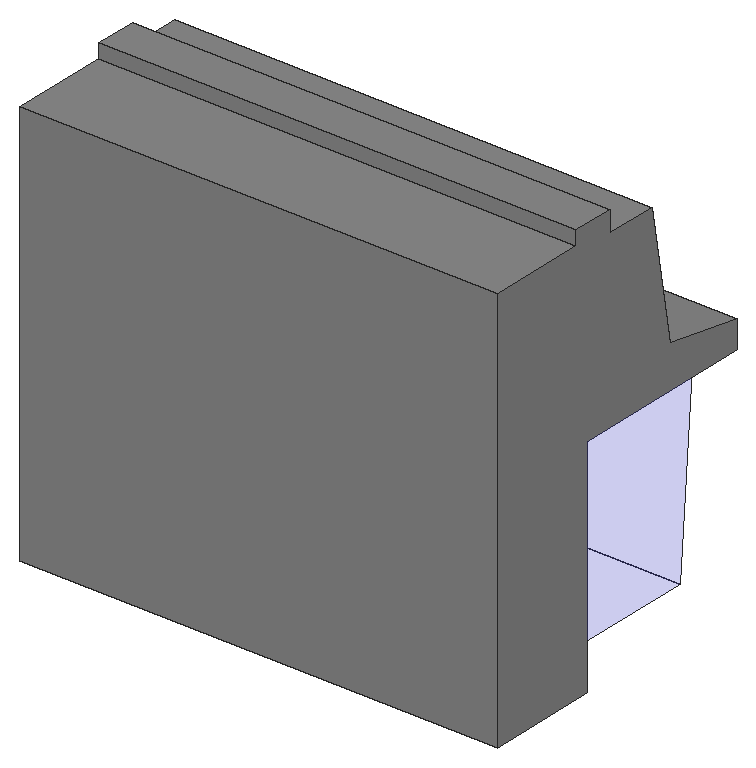
Revit family "M_Luminária de muro - Exterior", category Luminárias, Revit 2019
Family settings
  Hospedeiro = Parede
  Cota do conector redondo = Utilizar diâmetro
  Tipo de parte = Normal
  Número OmniClass = 23.80.70.14.11.17
  Título OmniClass = Wall or Ceiling Mounted External Lighting
  ID de item do Seek = Wall Pack Light - Exterior-0000-CAN-ENU
  Sempre na vertical = Sim
  Corte com vazios quando carregada = Não
  Fonte luminosa = Sim
  Compartilhado = Não
  Ponto de cálculo do ambiente = Não
Parameters (values of type "277V")
  Wattage = 70 W
  Material montado na parede = Metal - Acabamento pintado - Cinza escuro, fosco
  built-in parameter 1150110 = 1 (stored number, unit not read)
  built-in parameter 1114217 = 1 (stored number, unit not read)
  built-in parameter 1150109 = 1 (stored number, unit not read)
  built-in parameter 1150134 = 12
  built-in parameter 1150113 = 1 (stored number, unit not read)
  Material de sombra = Vidro
  built-in parameter 1150115 = 1 (stored number, unit not read)
  built-in parameter 1150105 = 437.67 (stored number, unit not read)
  Classificação de carga = Iluminação - Externa
  Light Source Symbol Size = 609.6 mm
  built-in parameter 1150137 = 1
  built-in parameter 1150139 = (empty or 0)
  built-in parameter 1150112 = 1 (stored number, unit not read)
  built-in parameter 1150114 = 1 (stored number, unit not read)
  built-in parameter 1150132 = (empty or 0)
  built-in parameter 1150102 = (empty or 0)
  built-in parameter 1150138 = (empty or 0)
  built-in parameter 1150107 = 4000 (stored number, unit not read)
  built-in parameter 1150106 = 4.3767 (stored number, unit not read)
  built-in parameter 1150104 = 7.2994 (stored number, unit not read)
  Dimming Lamp Color Temperature Shift = (empty or 0)
  Color Filter = 16777215
  Voltagem do transformador = 277 V
  Transformador por número de postes = 1
  built-in parameter 1114218 = 1 (stored number, unit not read)
  built-in parameter 1150133 = 10 (stored number, unit not read)
  Código de montagem = "D5020230"
  Lumens = 5499.9 lm
  Altura de montagem = 2700 mm
  Carga aparente = 70 VA
Types (3, lengths in mm): name | Voltagem do transformador
  (no name) | 277 V
  120V | 120 V
  277V | 277 V
Reference planes
  plane 1: y = 0
  plane 2 "Eixo de origem da luz": y = 228.6
  plane 3 "Eixo de origem da luz": x = 121.764
  plane 4 "Elevação da origem da luz": z = 2515.85
  plane 5: z = 2700
  plane 6: z = 2331.7
  plane 7: x = 337.664
  plane 8: x = -94.136
  plane 9: y = 177.8
  plane 10: y = 76.2
  plane 11: x = -68.735
  plane 12: x = 312.264
Forms (mm)
  Extrusion 1, solid, material "Metal - Acabamento pintado - Cinza escuro, fosco" <- "Material montado na parede"
    sketch origin (-94.136, 177.8, 1817.14) x (0, -1, 0) y (0, 0, 1)
      loop
        line (12.7, 882.86) -> (12.7, 895.56) -> (-25.4, 895.56) -> (-25.4, 876.51) -> (-72.841, 876.51) -> (-93.843, 757.403) -> (-168.885, 744.172) -> (-168.885, 718.772) -> (0, 718.772) -> (0, 514.56) -> (101.6, 514.56) -> (101.6, 882.86) -> (12.7, 882.86)
    from -431.8 to 0
  Extrusion 2, solid, material "Vidro" <- "Material de sombra"
    sketch origin (-94.136, 177.8, 1817.14) x (0, -1, 0) y (0, 0, 1)
      loop
        line (-152.317, 717.76) -> (-137.221, 533.61) -> (0, 533.61) -> (0, 717.76) -> (-152.317, 717.76)
    from -406.4 to -25.401
Lines and regions (mm)
  symbolic lines
    curve 1: line (-94.136, 76.2, 0) -> (337.664, 76.2, 0)
    curve 3: line (-94.136, 346.685, 0) -> (337.664, 346.685, 0)
    curve 5: line (337.664, 165.1, 0) -> (-94.136, 165.1, 0)
    curve 7: line (-94.136, 346.685, 0) -> (-94.136, 165.1, 0)
    curve 8: line (337.664, 346.685, 0) -> (337.664, 165.1, 0)
  symbolic lines, detail levels coarse+medium
    curve 2: line (121.764, 76.2, 0) -> (121.764, 165.1, 0)
  symbolic lines, detail levels fine
    curve 4: line (-94.136, 165.1, 0) -> (-94.136, 346.685, 0)
    curve 6: line (337.664, 346.685, 0) -> (337.664, 165.1, 0)
    curve 9: line (-94.136, 346.685, 0) -> (-94.136, 76.2, 0)
    curve 10: line (337.664, 346.685, 0) -> (337.664, 76.2, 0)
Text (mm)
  text "Lado da colocação" at (0, 1019.848, 3124.603), in view "Direita"
  text "Lado da colocação" at (-1209.637, 403.577, 0), in view "Nível de referência"
  text "Lado da colocação" at (0, 1399.752, 3156.667), in view "Esquerda"
Dimensions and locks
  equal spacing: plane 6, plane 4 "Elevação da origem da luz", plane 5
  plane 6 to plane 5 = 368.3 mm
  equal spacing: plane 7, plane 3 "Eixo de origem da luz", plane 8
  plane 7 to plane 8 = 431.8 mm
  "Altura de montagem": level to plane 5
  locked: plane 10 to host wall
  locked: plane 8 to plane 11 at 25.401
  locked: plane 12 to plane 7 at 25.4
  locked: plane 9 to plane 10 at 101.6
  locked: plane 9 to plane 2 "Eixo de origem da luz" at 50.8
  curve 1 to curve 5 = 88.9 mm
  aligned and locked: plane 7 to Extrusion 1
  aligned and locked: Extrusion 1 to plane 8
  aligned and locked: plane 11 to Extrusion 2
  aligned and locked: Extrusion 2 to plane 12
  aligned and locked: plane 3 "Eixo de origem da luz" to imposter light
  aligned and locked: plane 2 "Eixo de origem da luz" to imposter light
  aligned and locked: plane 4 "Elevação da origem da luz" to imposter light
Automatic sketch dimensions
  Extrusion 2 sketch curve to plane 9 = 0 mm
  Extrusion 2 sketch curve to plane 6 = 19.05 mm
  Extrusion 2 sketch curve to plane 2 "Eixo de origem da luz" = 86.421 mm
  Extrusion 2 sketch curve to plane 4 "Elevação da origem da luz" = 19.05 mm
  Extrusion 2 sketch curve to plane 2 "Eixo de origem da luz" = 101.517 mm
  Extrusion 1 sketch curve to plane 9 = 0 mm
  Extrusion 1 sketch curve to plane 5 = 0 mm
  Extrusion 1 sketch curve to host wall = 0 mm
  Extrusion 1 sketch curve to plane 6 = 0 mm
  plane 2 "Eixo de origem da luz" to Extrusion 1 sketch curve = 25.4 mm
  Extrusion 1 sketch curve to plane 2 "Eixo de origem da luz" = 43.043 mm
  Extrusion 1 sketch curve to plane 4 "Elevação da origem da luz" = 45.462 mm
  Extrusion 1 sketch curve to Extrusion 1 sketch curve = 75.042 mm
  Extrusion 1 sketch curve to plane 9 = 12.7 mm
  Extrusion 1 sketch curve to plane 4 "Elevação da origem da luz" = 20.062 mm
  Extrusion 1 sketch curve to plane 4 "Elevação da origem da luz" = 58.694 mm
  plane 5 to Extrusion 1 sketch curve = 6.35 mm
  Extrusion 1 sketch curve to Extrusion 1 sketch curve = 12.7 mm
  Extrusion 1 sketch curve to plane 2 "Eixo de origem da luz" = 22.041 mm
  curve 1 to host wall = 0 mm
  curve 1 to plane 8 = 0 mm
  curve 2 to plane 3 "Eixo de origem da luz" = 0 mm
  curve 10 to plane 7 = 0 mm
  curve 3 to plane 2 "Eixo de origem da luz" = 118.085 mm
Connectors
  electrical at (121.764, 76.2, 2515.85), driven by "Carga aparente", driven by "Voltagem do transformador", driven by "Transformador por número de postes", driven by "Classificação de carga"
    settings: on Extrusion 1, index 1, voltage 277 V, apparent load 0 VA, apparent load phase1 70 VA, apparent load phase2 0 VA, apparent load phase3 0 VA, power factor 0.95, load classification "Iluminação - Externa", number of poles 1, system type 31, power factor state 1, is connector primary yes, connector utility no, sub classification motor no, connector description ""
